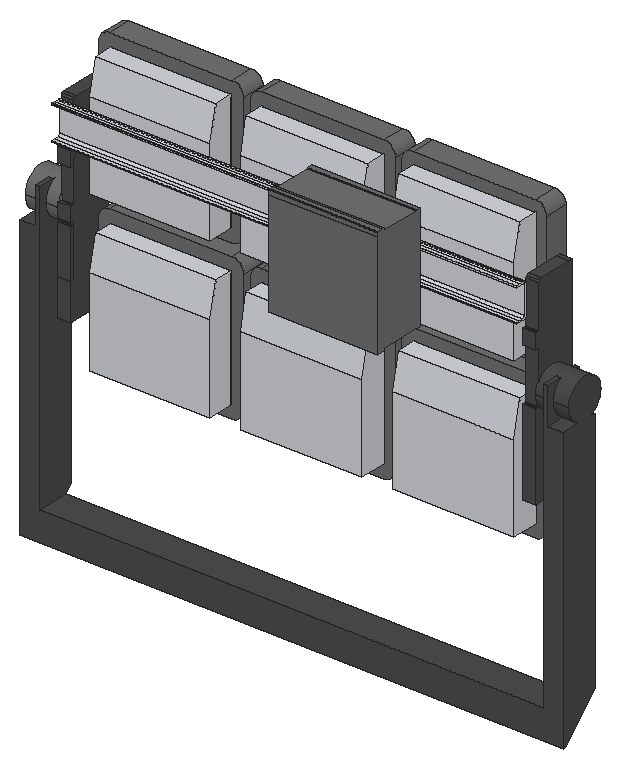
Revit family "Lighting-Floodlights-GEWISS-SMART[PRO]2.0-LED-HIGH-POWER_6MODULE_CLI", category Apparecchi per illuminazione, host Superficie, Revit 2019 (continued)
Definition of nested family "Frontale6 2D"
  Lines and regions (mm)
    detail lines, in view "Livello rif.", not visible
      curve 580: line (304.939, 447.021, 0) -> (304.245, 447.021, 0)
      curve 581: line (304.245, 447.021, 0) -> (304.245, 446.346, 0)
      curve 582: line (304.245, 446.346, 0) -> (303.54, 446.346, 0)
      curve 583: line (303.54, 446.346, 0) -> (301.413, 444.219, 0)
      curve 584: line (301.413, 444.219, 0) -> (301.413, 443.52, 0)
      curve 585: line (301.413, 443.52, 0) -> (300.744, 442.821, 0)
      curve 586: line (300.744, 442.821, 0) -> (300.015, 442.121, 0)
      curve 587: line (300.015, 442.121, 0) -> (300.015, 439.325, 0)
      curve 588: line (300.015, 439.325, 0) -> (299.321, 438.626, 0)
      curve 589: line (299.321, 438.626, 0) -> (299.321, 437.897, 0)
      curve 590: line (299.321, 437.897, 0) -> (299.321, 418.285, 0)
      curve 591: line (499.825, 247.94, 0) -> (499.825, 429.507, 0)
      curve 592: line (728.336, 428.807, 0) -> (728.336, 429.507, 0)
      curve 593: line (728.336, 429.507, 0) -> (547.493, 429.507, 0)
      curve 594: line (547.493, 429.507, 0) -> (547.493, 428.807, 0)
      curve 595: line (547.493, 428.807, 0) -> (547.493, 247.94, 0)
      curve 596: line (547.493, 247.94, 0) -> (728.336, 247.94, 0)
      curve 597: line (728.336, 247.94, 0) -> (547.493, 247.94, 0)
      curve 598: line (547.493, 247.94, 0) -> (547.493, 429.507, 0)
      curve 599: line (528.555, 278.071, 0) -> (528.555, 262.655, 0)
      curve 600: line (528.555, 262.655, 0) -> (528.555, 259.158, 0)
      curve 601: line (528.555, 259.158, 0) -> (528.555, 238.82, 0)
      curve 602: line (528.555, 238.82, 0) -> (528.555, 236.021, 0)
      curve 603: line (528.555, 236.021, 0) -> (529.25, 235.322, 0)
      curve 604: line (529.25, 235.322, 0) -> (529.25, 234.623, 0)
      curve 605: line (529.25, 234.623, 0) -> (529.954, 233.923, 0)
      curve 606: line (529.954, 233.923, 0) -> (529.954, 233.224, 0)
      curve 607: line (529.954, 233.224, 0) -> (530.658, 232.524, 0)
      curve 608: line (530.658, 232.524, 0) -> (531.352, 232.524, 0)
      curve 609: line (531.352, 232.524, 0) -> (531.352, 231.825, 0)
      curve 610: line (531.352, 231.825, 0) -> (532.056, 231.125, 0)
      curve 611: line (532.056, 231.125, 0) -> (532.75, 231.125, 0)
      curve 612: line (532.75, 231.125, 0) -> (533.479, 230.426, 0)
      curve 613: line (533.479, 230.426, 0) -> (534.149, 229.727, 0)
      curve 614: line (534.149, 229.727, 0) -> (535.552, 229.727, 0)
      curve 615: line (535.552, 229.727, 0) -> (536.276, 229, 0)
      curve 616: line (536.276, 229, 0) -> (538.379, 229, 0)
      curve 617: line (538.379, 229, 0) -> (557.985, 229, 0)
      curve 618: line (557.985, 229, 0) -> (561.481, 229, 0)
      curve 619: line (737.455, 229, 0) -> (739.552, 229, 0)
      curve 620: line (739.552, 229, 0) -> (740.251, 229.727, 0)
      curve 621: line (740.251, 229.727, 0) -> (741.65, 229.727, 0)
      curve 622: line (741.65, 229.727, 0) -> (743.048, 231.125, 0)
      curve 623: line (743.048, 231.125, 0) -> (743.777, 231.125, 0)
      curve 624: line (743.777, 231.125, 0) -> (744.451, 231.825, 0)
      curve 625: line (744.451, 231.825, 0) -> (744.451, 232.524, 0)
      curve 626: line (744.451, 232.524, 0) -> (745.175, 232.524, 0)
      curve 627: line (745.175, 232.524, 0) -> (745.874, 233.224, 0)
      curve 628: line (745.874, 233.224, 0) -> (745.874, 233.923, 0)
      curve 629: line (745.874, 233.923, 0) -> (746.574, 234.623, 0)
      curve 630: line (746.574, 234.623, 0) -> (746.574, 235.322, 0)
      curve 631: line (746.574, 235.322, 0) -> (747.273, 236.021, 0)
      curve 632: line (747.273, 236.021, 0) -> (747.273, 259.158, 0)
      curve 633: line (747.273, 299.108, 0) -> (747.273, 317.348, 0)
      curve 634: line (747.273, 317.348, 0) -> (747.273, 338.386, 0)
      curve 635: line (747.273, 320.845, 0) -> (747.972, 320.845, 0)
      curve 636: line (747.273, 440.024, 0) -> (747.273, 441.422, 0)
      curve 637: line (747.273, 441.422, 0) -> (746.574, 442.121, 0)
      curve 638: line (746.574, 442.121, 0) -> (746.574, 442.821, 0)
      curve 639: line (746.574, 442.821, 0) -> (745.874, 443.52, 0)
      curve 640: line (745.874, 443.52, 0) -> (744.451, 444.918, 0)
      curve 641: line (744.451, 444.918, 0) -> (744.451, 445.617, 0)
      curve 642: line (744.451, 445.617, 0) -> (743.777, 446.346, 0)
      curve 643: line (743.777, 446.346, 0) -> (743.048, 446.346, 0)
      curve 644: line (743.048, 446.346, 0) -> (742.379, 447.021, 0)
      curve 645: line (742.379, 447.021, 0) -> (741.65, 447.021, 0)
      curve 646: line (741.65, 447.021, 0) -> (740.95, 447.745, 0)
      curve 647: line (740.95, 447.745, 0) -> (738.878, 447.745, 0)
      curve 648: line (738.878, 447.745, 0) -> (738.159, 448.444, 0)
      curve 649: line (738.159, 448.444, 0) -> (717.838, 448.444, 0)
      curve 650: line (717.838, 448.444, 0) -> (538.379, 448.444, 0)
      curve 651: line (538.379, 448.444, 0) -> (537.674, 448.444, 0)
      curve 652: line (537.674, 448.444, 0) -> (536.98, 447.745, 0)
      curve 653: line (536.98, 447.745, 0) -> (534.848, 447.745, 0)
      curve 654: line (534.848, 447.745, 0) -> (534.149, 447.021, 0)
      curve 655: line (534.149, 447.021, 0) -> (533.479, 447.021, 0)
      curve 656: line (533.479, 447.021, 0) -> (532.75, 446.346, 0)
      curve 657: line (532.75, 446.346, 0) -> (532.056, 446.346, 0)
      curve 658: line (532.056, 446.346, 0) -> (531.352, 445.617, 0)
      curve 659: line (531.352, 445.617, 0) -> (531.352, 444.918, 0)
      curve 660: line (531.352, 444.918, 0) -> (529.954, 443.52, 0)
      curve 661: line (529.954, 443.52, 0) -> (529.954, 442.821, 0)
      curve 662: line (529.954, 442.821, 0) -> (529.25, 442.821, 0)
      curve 663: line (529.25, 442.821, 0) -> (529.25, 442.121, 0)
      curve 664: line (529.25, 442.121, 0) -> (528.555, 441.422, 0)
      curve 665: line (528.555, 441.422, 0) -> (528.555, 437.897, 0)
      curve 666: line (528.555, 437.897, 0) -> (528.555, 418.285, 0)
      curve 667: line (728.336, 247.94, 0) -> (728.336, 429.507, 0)
      curve 668: line (30.134, 51.169, 0) -> (787.572, 51.169, 0)
Definition of nested family "SIMBOLO SMART[PRO]6"
  Reference planes
    plane 1 "Centro (Fronte/Retro)": y = 0
    plane 2: z = 0
    plane 3 "Centro (Sinistra/Destra)": x = 0
  Lines and regions (mm)
    detail lines, in view "Livello rif."
      curve 1: line (43.2, 161.646, 0) -> (0, 183.153, 0)
      curve 2: line (0, 183.153, 0) -> (43.2, 204.919, 0)
      curve 3: line (43.2, 204.919, 0) -> (43.2, 161.646, 0)
      curve 4: line (0, 204.79, 0) -> (0, 161.516, 0)
      curve 5: line (0, 183.153, 0) -> (-25.261, 183.153, 0)
      curve 6: line (43.2, 183.282, 0) -> (61.853, 183.282, 0)
      curve 7: line (214.768, 249.908, 0) -> (214.768, 0, 0)
      curve 8: line (214.768, 0, 0) -> (-175.232, 0, 0)
      curve 9: line (-175.232, 0, 0) -> (-175.232, 249.908, 0)
      curve 10: line (-175.232, 249.908, 0) -> (214.768, 249.908, 0)
      curve 11: line (-31.622, 232.828, 0) -> (67.728, 232.828, 0)
      curve 12: line (67.728, 232.828, 0) -> (67.728, 133.478, 0)
      curve 13: line (67.728, 133.478, 0) -> (-31.622, 133.478, 0)
      curve 14: line (-31.622, 133.478, 0) -> (-31.622, 232.828, 0)
      curve 15: line (-83.37, 161.646, 0) -> (-126.57, 183.153, 0)
      curve 16: line (-126.57, 183.153, 0) -> (-83.37, 204.919, 0)
      curve 17: line (-83.37, 204.919, 0) -> (-83.37, 161.646, 0)
      curve 18: line (-126.57, 204.79, 0) -> (-126.57, 161.516, 0)
      curve 19: line (-126.57, 183.153, 0) -> (-151.83, 183.153, 0)
      curve 20: line (-83.37, 183.282, 0) -> (-64.717, 183.282, 0)
      curve 21: line (-158.191, 232.828, 0) -> (-58.842, 232.828, 0)
      curve 22: line (-58.842, 232.828, 0) -> (-58.842, 133.478, 0)
      curve 23: line (-58.842, 133.478, 0) -> (-158.191, 133.478, 0)
      curve 24: line (-158.191, 133.478, 0) -> (-158.191, 232.828, 0)
      curve 25: line (169.769, 161.646, 0) -> (126.57, 183.153, 0)
      curve 26: line (126.57, 183.153, 0) -> (169.769, 204.919, 0)
      curve 27: line (169.769, 204.919, 0) -> (169.769, 161.646, 0)
      curve 28: line (126.57, 204.79, 0) -> (126.57, 161.516, 0)
      curve 29: line (126.57, 183.153, 0) -> (101.309, 183.153, 0)
      curve 30: line (169.769, 183.282, 0) -> (188.423, 183.282, 0)
      curve 31: line (94.948, 232.828, 0) -> (194.298, 232.828, 0)
      curve 32: line (194.298, 232.828, 0) -> (194.298, 133.478, 0)
      curve 33: line (194.298, 133.478, 0) -> (94.948, 133.478, 0)
      curve 34: line (94.948, 133.478, 0) -> (94.948, 232.828, 0)
      curve 35: line (43.2, 88.246, 0) -> (0, 66.739, 0)
      curve 36: line (0, 66.739, 0) -> (43.2, 44.973, 0)
      curve 37: line (43.2, 44.973, 0) -> (43.2, 88.246, 0)
      curve 38: line (0, 45.102, 0) -> (0, 88.376, 0)
      curve 39: line (0, 66.739, 0) -> (-25.261, 66.739, 0)
      curve 40: line (43.2, 66.61, 0) -> (61.853, 66.61, 0)
      curve 41: line (-31.622, 17.064, 0) -> (67.728, 17.064, 0)
      curve 42: line (67.728, 17.064, 0) -> (67.728, 116.414, 0)
      curve 43: line (67.728, 116.414, 0) -> (-31.622, 116.414, 0)
      curve 44: line (-31.622, 116.414, 0) -> (-31.622, 17.064, 0)
      curve 45: line (-83.37, 88.246, 0) -> (-126.57, 66.739, 0)
      curve 46: line (-126.57, 66.739, 0) -> (-83.37, 44.973, 0)
      curve 47: line (-83.37, 44.973, 0) -> (-83.37, 88.246, 0)
      curve 48: line (-126.57, 45.102, 0) -> (-126.57, 88.376, 0)
      curve 49: line (-126.57, 66.739, 0) -> (-151.83, 66.739, 0)
      curve 50: line (-83.37, 66.61, 0) -> (-64.717, 66.61, 0)
      curve 51: line (-158.191, 17.064, 0) -> (-58.842, 17.064, 0)
      curve 52: line (-58.842, 17.064, 0) -> (-58.842, 116.414, 0)
      curve 53: line (-58.842, 116.414, 0) -> (-158.191, 116.414, 0)
      curve 54: line (-158.191, 116.414, 0) -> (-158.191, 17.064, 0)
      curve 55: line (169.769, 88.246, 0) -> (126.57, 66.739, 0)
      curve 56: line (126.57, 66.739, 0) -> (169.769, 44.973, 0)
      curve 57: line (169.769, 44.973, 0) -> (169.769, 88.246, 0)
      curve 58: line (126.57, 45.102, 0) -> (126.57, 88.376, 0)
      curve 59: line (126.57, 66.739, 0) -> (101.309, 66.739, 0)
      curve 60: line (169.769, 66.61, 0) -> (188.423, 66.61, 0)
      curve 61: line (94.948, 17.064, 0) -> (194.298, 17.064, 0)
      curve 62: line (194.298, 17.064, 0) -> (194.298, 116.414, 0)
      curve 63: line (194.298, 116.414, 0) -> (94.948, 116.414, 0)
      curve 64: line (94.948, 116.414, 0) -> (94.948, 17.064, 0)
    detail lines, in view "Livello rif.", not visible
      curve 65: line (238.431, 186.7, 0) -> (195.232, 208.207, 0)
      curve 66: line (195.232, 208.207, 0) -> (238.431, 229.973, 0)
      curve 67: line (238.431, 229.973, 0) -> (238.431, 186.7, 0)
      curve 68: line (195.232, 229.844, 0) -> (195.232, 186.57, 0)
      curve 69: line (195.232, 208.207, 0) -> (169.971, 208.207, 0)
      curve 70: line (238.431, 208.336, 0) -> (257.084, 208.336, 0)
      curve 71: line (410, 274.962, 0) -> (410, 25.054, 0)
      curve 72: line (410, 25.054, 0) -> (20, 25.054, 0)
      curve 73: line (20, 25.054, 0) -> (20, 274.962, 0)
      curve 74: line (20, 274.962, 0) -> (410, 274.962, 0)
      curve 75: line (163.61, 257.882, 0) -> (262.96, 257.882, 0)
      curve 76: line (262.96, 257.882, 0) -> (262.96, 158.532, 0)
      curve 77: line (262.96, 158.532, 0) -> (163.61, 158.532, 0)
      curve 78: line (163.61, 158.532, 0) -> (163.61, 257.882, 0)
      curve 79: line (111.862, 186.7, 0) -> (68.662, 208.207, 0)
      curve 80: line (68.662, 208.207, 0) -> (111.862, 229.973, 0)
      curve 81: line (111.862, 229.973, 0) -> (111.862, 186.7, 0)
      curve 82: line (68.662, 229.844, 0) -> (68.662, 186.57, 0)
      curve 83: line (68.662, 208.207, 0) -> (43.401, 208.207, 0)
      curve 84: line (111.862, 208.336, 0) -> (130.515, 208.336, 0)
      curve 85: line (37.04, 257.882, 0) -> (136.39, 257.882, 0)
      curve 86: line (136.39, 257.882, 0) -> (136.39, 158.532, 0)
      curve 87: line (136.39, 158.532, 0) -> (37.04, 158.532, 0)
      curve 88: line (37.04, 158.532, 0) -> (37.04, 257.882, 0)
      curve 89: line (365.001, 186.7, 0) -> (321.801, 208.207, 0)
      curve 90: line (321.801, 208.207, 0) -> (365.001, 229.973, 0)
      curve 91: line (365.001, 229.973, 0) -> (365.001, 186.7, 0)
      curve 92: line (321.801, 229.844, 0) -> (321.801, 186.57, 0)
      curve 93: line (321.801, 208.207, 0) -> (296.541, 208.207, 0)
      curve 94: line (365.001, 208.336, 0) -> (383.654, 208.336, 0)
      curve 95: line (290.18, 257.882, 0) -> (389.529, 257.882, 0)
      curve 96: line (389.529, 257.882, 0) -> (389.529, 158.532, 0)
      curve 97: line (389.529, 158.532, 0) -> (290.18, 158.532, 0)
      curve 98: line (290.18, 158.532, 0) -> (290.18, 257.882, 0)
      curve 99: line (238.431, 113.3, 0) -> (195.232, 91.793, 0)
      curve 100: line (195.232, 91.793, 0) -> (238.431, 70.027, 0)
      curve 101: line (238.431, 70.027, 0) -> (238.431, 113.3, 0)
      curve 102: line (195.232, 70.156, 0) -> (195.232, 113.43, 0)
      curve 103: line (195.232, 91.793, 0) -> (169.971, 91.793, 0)
      curve 104: line (238.431, 91.664, 0) -> (257.084, 91.664, 0)
      curve 105: line (163.61, 42.118, 0) -> (262.96, 42.118, 0)
      curve 106: line (262.96, 42.118, 0) -> (262.96, 141.468, 0)
      curve 107: line (262.96, 141.468, 0) -> (163.61, 141.468, 0)
      curve 108: line (163.61, 141.468, 0) -> (163.61, 42.118, 0)
      curve 109: line (111.862, 113.3, 0) -> (68.662, 91.793, 0)
      curve 110: line (68.662, 91.793, 0) -> (111.862, 70.027, 0)
      curve 111: line (111.862, 70.027, 0) -> (111.862, 113.3, 0)
      curve 112: line (68.662, 70.156, 0) -> (68.662, 113.43, 0)
      curve 113: line (68.662, 91.793, 0) -> (43.401, 91.793, 0)
      curve 114: line (111.862, 91.664, 0) -> (130.515, 91.664, 0)
      curve 115: line (37.04, 42.118, 0) -> (136.39, 42.118, 0)
      curve 116: line (136.39, 42.118, 0) -> (136.39, 141.468, 0)
      curve 117: line (136.39, 141.468, 0) -> (37.04, 141.468, 0)
      curve 118: line (37.04, 141.468, 0) -> (37.04, 42.118, 0)
      curve 119: line (365.001, 113.3, 0) -> (321.801, 91.793, 0)
      curve 120: line (321.801, 91.793, 0) -> (365.001, 70.027, 0)
      curve 121: line (365.001, 70.027, 0) -> (365.001, 113.3, 0)
      curve 122: line (321.801, 70.156, 0) -> (321.801, 113.43, 0)
      curve 123: line (321.801, 91.793, 0) -> (296.541, 91.793, 0)
      curve 124: line (365.001, 91.664, 0) -> (383.654, 91.664, 0)
      curve 125: line (290.18, 42.118, 0) -> (389.529, 42.118, 0)
      curve 126: line (389.529, 42.118, 0) -> (389.529, 141.468, 0)
      curve 127: line (389.529, 141.468, 0) -> (290.18, 141.468, 0)
      curve 128: line (290.18, 141.468, 0) -> (290.18, 42.118, 0)
  Dimensions and locks
    aligned and locked: curve 4 to plane 3 "Centro (Sinistra/Destra)"
    aligned and locked: curve 8 to plane 1 "Centro (Fronte/Retro)"
Definition of nested family "Laterale6 2D"
  Reference planes
    plane 1 "Centro (Fronte/Retro)": y = 0
    plane 2: z = 0
    plane 3 "Centro (Sinistra/Destra)": x = 0
  Lines and regions (mm)
    model lines, in view "Livello rif."
      curve 1: line (56.059, 467.879, 0) -> (-0.761, 469.449, 0)
      curve 2: line (-33.478, 448.414, 0) -> (-35.814, 435.185, 0)
      curve 3: line (-35.814, 435.185, 0) -> (-35.814, 243.672, 0)
      curve 4: line (-35.814, 243.672, 0) -> (-33.478, 230.443, 0)
      curve 5: line (-33.478, 230.443, 0) -> (-32.694, 230.443, 0)
      curve 6: line (-32.694, 230.443, 0) -> (-32.694, 229.63, 0)
      curve 7: line (-32.694, 229.63, 0) -> (-25.673, 229.63, 0)
      curve 8: line (-25.673, 229.63, 0) -> (-2.331, 228.873, 0)
      curve 9: line (-32.694, 230.443, 0) -> (-33.478, 230.443, 0)
      curve 10: line (-33.478, 230.443, 0) -> (-32.666, 229.63, 0)
      curve 11: line (-33.478, 447.63, 0) -> (-32.666, 447.63, 0)
      curve 12: line (-33.478, 470.999, 0) -> (-32.666, 470.999, 0)
      curve 13: line (41.256, 558.986, 0) -> (41.256, 557.416, 0)
      curve 14: line (41.256, 599.457, 0) -> (41.279, 601.008, 0)
      curve 15: line (-2.331, 309.054, 0) -> (-17.134, 309.054, 0)
      curve 16: line (-17.134, 309.054, 0) -> (-22.576, 309.054, 0)
      curve 17: line (-22.576, 309.054, 0) -> (-22.576, 379.131, 0)
      curve 18: line (-22.576, 379.131, 0) -> (-22.576, 609.57, 0)
      curve 19: line (-22.576, 609.57, 0) -> (-17.111, 609.57, 0)
      curve 20: line (-17.111, 609.57, 0) -> (36.599, 609.57, 0)
      curve 21: line (36.599, 609.57, 0) -> (39.738, 608.024, 0)
      curve 22: line (39.738, 608.024, 0) -> (41.279, 604.119, 0)
      curve 23: line (41.279, 604.119, 0) -> (41.279, 539.521, 0)
      curve 24: line (41.279, 539.521, 0) -> (42.807, 539.521, 0)
      curve 25: line (42.807, 539.521, 0) -> (42.807, 499.027, 0)
      curve 26: line (42.807, 499.027, 0) -> (42.807, 498.242, 0)
      curve 27: line (-32.694, 449.199, 0) -> (-33.478, 448.414, 0)
      curve 28: line (-33.478, 448.414, 0) -> (-32.694, 448.414, 0)
      curve 29: line (-32.694, 448.414, 0) -> (-32.694, 449.199, 0)
      curve 30: line (-32.694, 449.199, 0) -> (-25.673, 449.199, 0)
      curve 31: line (-25.673, 449.199, 0) -> (-22.576, 449.199, 0)
      curve 32: line (-22.576, 449.199, 0) -> (-22.576, 469.449, 0)
      curve 33: line (-22.576, 469.449, 0) -> (-25.673, 469.449, 0)
      curve 34: line (-25.673, 469.449, 0) -> (-32.666, 469.449, 0)
      curve 35: line (-32.694, 469.449, 0) -> (-32.694, 470.215, 0)
      curve 36: line (-32.694, 470.215, 0) -> (-32.666, 469.449, 0)
      curve 37: line (42.807, 485.013, 0) -> (42.807, 486.555, 0)
      curve 38: line (42.807, 486.555, 0) -> (42.807, 498.242, 0)
      curve 39: line (-0.761, 469.449, 0) -> (-2.331, 459.312, 0)
      curve 40: line (-2.331, 459.312, 0) -> (-2.331, 428.949, 0)
      curve 41: line (-2.331, 428.949, 0) -> (-2.331, 56.034, 0)
      curve 42: line (-2.331, 56.034, 0) -> (3.877, 49.824, 0)
      curve 43: line (3.877, 49.824, 0) -> (5.447, 47.467, 0)
      curve 44: line (5.447, 47.467, 0) -> (49.828, 3.878, 0)
      curve 45: line (49.828, 3.878, 0) -> (51.369, 1.546, 0)
      curve 46: line (51.369, 1.546, 0) -> (53.723, 0, 0)
      curve 47: line (53.723, 0, 0) -> (57.628, 0, 0)
      curve 48: line (57.628, 0, 0) -> (57.628, 414.151, 0)
      curve 49: line (57.628, 414.151, 0) -> (57.628, 459.312, 0)
      curve 50: line (57.628, 459.312, 0) -> (56.059, 467.879, 0)
      curve 51: line (0, 616.591, 0) -> (0, 609.57, 0)
      curve 52: line (0, 609.57, 0) -> (0, 688.994, 0)
      curve 53: line (0, 688.994, 0) -> (-25.673, 688.994, 0)
      curve 54: line (-25.673, 688.994, 0) -> (-32.694, 688.994, 0)
      curve 55: line (-32.694, 688.994, 0) -> (-35.814, 674.981, 0)
      curve 56: line (-35.814, 674.981, 0) -> (-35.814, 483.467, 0)
      curve 57: line (-35.814, 483.467, 0) -> (-33.478, 470.215, 0)
      curve 58: line (-33.478, 470.215, 0) -> (-32.694, 470.215, 0)
      curve 59: line (-32.694, 470.215, 0) -> (-33.478, 470.215, 0)
      curve 60: line (40.495, 608.785, 0) -> (40.495, 606.455, 0)
      curve 61: line (37.355, 632.155, 0) -> (38.925, 622.799, 0)
      curve 62: line (38.925, 622.799, 0) -> (39.738, 618.917, 0)
      curve 63: line (39.738, 618.917, 0) -> (40.495, 610.355, 0)
      curve 64: line (40.495, 610.355, 0) -> (40.495, 608.785, 0)
      curve 65: line (37.093, 631.745, 0) -> (31.932, 662.509, 0)
      curve 66: line (31.932, 662.509, 0) -> (24.155, 688.21, 0)
      curve 67: line (-25.673, 469.449, 0) -> (-24.911, 469.449, 0)
      curve 68: line (21.791, 688.994, 0) -> (24.155, 688.994, 0)
      curve 69: line (24.155, 688.994, 0) -> (24.155, 688.21, 0)
      curve 70: line (24.155, 688.21, 0) -> (24.155, 688.994, 0)
      curve 71: line (24.155, 688.994, 0) -> (23.342, 688.994, 0)
      curve 72: line (23.342, 688.994, 0) -> (21.791, 688.994, 0)
      curve 73: line (21.791, 688.994, 0) -> (0, 688.994, 0)
      curve 74: line (110.572, 409.489, 0) -> (109.759, 407.943, 0)
      curve 75: line (109.759, 407.943, 0) -> (108.217, 407.158, 0)
      curve 76: line (108.217, 407.158, 0) -> (63.836, 406.374, 0)
      curve 77: line (63.836, 406.374, 0) -> (63.836, 407.943, 0)
      curve 78: line (63.836, 407.943, 0) -> (57.628, 407.943, 0)
      curve 79: line (110.572, 271.699, 0) -> (109.759, 273.245, 0)
      curve 80: line (109.759, 273.245, 0) -> (108.217, 273.245, 0)
      curve 81: line (108.217, 273.245, 0) -> (63.836, 274.034, 0)
      curve 82: line (63.836, 274.034, 0) -> (63.836, 272.488, 0)
      curve 83: line (63.836, 272.488, 0) -> (57.628, 272.488, 0)
      curve 84: line (110.572, 277.911, 0) -> (110.572, 270.129, 0)
      curve 85: line (110.572, 270.129, 0) -> (112.898, 270.129, 0)
      curve 86: line (112.898, 270.129, 0) -> (119.891, 270.914, 0)
      curve 87: line (119.891, 270.914, 0) -> (121.47, 270.914, 0)
      curve 88: line (121.47, 270.914, 0) -> (121.47, 277.911, 0)
      curve 89: line (121.47, 277.911, 0) -> (121.47, 409.513, 0)
      curve 90: line (121.47, 409.513, 0) -> (119.891, 410.274, 0)
      curve 91: line (119.891, 410.274, 0) -> (112.898, 410.274, 0)
      curve 92: line (112.898, 410.274, 0) -> (110.572, 410.274, 0)
      curve 93: line (110.572, 410.274, 0) -> (110.572, 403.281, 0)
  Dimensions and locks
    aligned and locked: plane 1 "Centro (Fronte/Retro)" to curve 47
Types (54, lengths in mm): name | Versions | Unified Glare Rating | Technical sheet | Standard Deviation Colour Matching | Optic : | Optic | Modello | Lumen output (lm) | IPEA | IDT | Efficiency (lm/W) | Descrizione | Commenti sul wattaggio | Colour temperature | Color Rendering Index | Carico apparente
  GWP2630AB730 - SMART PRO 3x2M S2 CRI70 3000K | "3000K warm light" | "G*6 - ULOR = 0" | "https://www.gewiss.com/ww/en/search?q=GWP2630AB730" | "SDCM = 5" | "Polished anodised aluminum reflector with 99.99% pure aluminum" | "S2 - Symmetric Medium" | "GWP2630AB730" | "113700" | "ROAD = A // LARGE AREAS = A3 + // CYCLOPEDONALS = A + // GREEN AREAS = A + // HISTORICAL CENTER = A4 + // OTHER = A4 +" | "4561006eedca4ce39beffb5c2337b30c" | "117" | "SMART PRO 3x2M S2 CRI70 3000K" | "770W" | "3000K" | "CRI-70" | 770 VA
  GWP2630AC730 - SMART PRO 3x2M A1 CRI70 3000K | "3000K warm light" | "G*4 - ULOR = 0" | "https://www.gewiss.com/ww/en/search?q=GWP2630AC730" | "SDCM = 5" | "Polished quartz and metallized PC HT reflector" | "A1 - Asymmetrical Wide" | "GWP2630AC730" | "106600" | "ROAD = A // LARGE AREAS = A ++ // CYCLOPEDONALS = A // GREEN AREAS = A // HISTORICAL CENTER = A3 + // OTHER = A3 +" | "d9cf422ad4b74c83962064fd747c6d42" | "110" | "SMART PRO 3x2M A1 CRI70 3000K" | "1020W" | "3000K" | "CRI-70" | 1020 VA
  GWP2630AF730 - SMART PRO 3x2M A2 CRI70 3000K | "3000K warm light" | "G*3 - ULOR = 0" | "https://www.gewiss.com/ww/en/search?q=GWP2630AF730" | "SDCM = 5" | "Polished anodised aluminum reflector with 99.99% pure aluminum" | "A2 - Asymmetrical Medium" | "GWP2630AF730" | "91700" | "ROAD = C // LARGE AREAS = A // CYCLOPEDONALS = B // GREEN AREAS = B // HISTORICAL CENTER = A + // OTHER = A +" | "a954fac29a4b4971a084b55ada26fea6" | "95" | "SMART PRO 3x2M A2 CRI70 3000K" | "770W" | "3000K" | "CRI-70" | 770 VA
  GWP2630AG730 - SMART PRO 3x2M C4 CRI70 3000K | "3000K warm light" | "G*6 - ULOR = 0" | "https://www.gewiss.com/ww/en/search?q=GWP2630AG730" | "SDCM = 5" | "Polished quartz and metallized PC HT reflector" | "C4 - Circular 15°" | "GWP2630AG730" | "114500" | "ROAD = A // LARGE AREAS = A3 + // CYCLOPEDONALS = A + // GREEN AREAS = A + // HISTORICAL CENTER = A4 + // OTHER = A4 +" | "4b24190037b54a70ac3d0c5a2f81c7f8" | "118" | "SMART PRO 3x2M C4 CRI70 3000K" | "1020W" | "3000K" | "CRI-70" | 1020 VA
  GWP2630AH730 - SMART PRO 3x2M C3 CRI70 3000K | "3000K warm light" | "G*6 - ULOR = 0" | "https://www.gewiss.com/ww/en/search?q=GWP2630AH730" | "SDCM = 5" | "Polished quartz and metallized PC HT reflector" | "C3 - Circular 20°" | "GWP2630AH730" | "114500" | "ROAD = A // LARGE AREAS = A3 + // CYCLOPEDONALS = A + // GREEN AREAS = A + // HISTORICAL CENTER = A4 + // OTHER = A4 +" | "4cfce67a9bf34c9ca48a5e714463e9b1" | "118" | "SMART PRO 3x2M C3 CRI70 3000K" | "770W" | "3000K" | "CRI-70" | 770 VA
  GWP2630AL730 - SMART PRO 3x2M C2 CRI70 3000K | "3000K warm light" | "G*6 - ULOR = 0" | "https://www.gewiss.com/ww/en/search?q=GWP2630AL730" | "SDCM = 5" | "Polished quartz and metallized PC HT reflector" | "C2 - Circular 25°" | "GWP2630AL730" | "111900" | "ROAD = A // LARGE AREAS = A ++ // CYCLOPEDONALS = A + // GREEN AREAS = A + // HISTORICAL CENTER = A4 + // OTHER = A4 +" | "ed34cddca4f740febed920f9d4d87842" | "115" | "SMART PRO 3x2M C2 CRI70 3000K" | "1020W" | "3000K" | "CRI-70" | 1020 VA
  GWP2630AM730 - SMART PRO 3x2M C1 CRI70 3000K | "3000K warm light" | "G*6 - ULOR = 0" | "https://www.gewiss.com/ww/en/search?q=GWP2630AM730" | "SDCM = 5" | "Polished quartz and metallized PC HT reflector" | "C1 - Circular 30°" | "GWP2630AM730" | "111900" | "ROAD = A // LARGE AREAS = A ++ // CYCLOPEDONALS = A + // GREEN AREAS = A + // HISTORICAL CENTER = A4 + // OTHER = A4 +" | "fa72cee00b5d4f89bab79ca6b1ab4d90" | "115" | "SMART PRO 3x2M C1 CRI70 3000K" | "770W" | "3000K" | "CRI-70" | 770 VA
  GWP2630AN730 - SMART PRO 3x2M A3 CRI70 3000K | "3000K warm light" | "G*6 - ULOR = 0" | "https://www.gewiss.com/ww/en/search?q=GWP2630AN730" | "SDCM = 5" | "Polished anodised aluminum reflector with 99.99% pure aluminum" | "A3 - Assymetric Narrow" | "GWP2630AN730" | "111400" | "ROAD = A // LARGE AREAS = A ++ // CYCLOPEDONALS = A + // GREEN AREAS = A + // HISTORICAL CENTER = A4 + // OTHER = A4 +" | "bc33aaa8d11241049458e038111e0aa6" | "115" | "SMART PRO 3x2M A3 CRI70 3000K" | "1020W" | "3000K" | "CRI-70" | 1020 VA
  GWP2630AA740 - SMART PRO 3x2M S1 CRI70 4000K | "4000K natural light" | "G*6 - ULOR = 0" | "https://www.gewiss.com/ww/en/search?q=GWP2630AA740" | "SDCM = 5" | "Polished quartz and metallized PC HT reflector" | "S1 - Symmetric Wide" | "GWP2630AA740" | "117600" | "ROAD = A + // LARGE AREAS = A3 + // CYCLOPEDONALS = A ++ // GREEN AREAS = A ++ // HISTORICAL CENTER = A5 + // OTHER = A5 +" | "77c5766f77964b9d8a94593395827103" | "121" | "SMART PRO 3x2M S1 CRI70 4000K" | "770W" | "4000K" | "CRI-70" | 770 VA
  GWP2630AA840 - SMART PRO 3x2M S1 CRI80 4000K | "4000K natural light" | "G*6 - ULOR = 0" | "https://www.gewiss.com/ww/en/search?q=GWP2630AA840" | "SDCM = 3" | "Polished quartz and metallized PC HT reflector" | "S1 - Symmetric Wide" | "GWP2630AA840" | "109800" | "ROAD = A // LARGE AREAS = A ++ // CYCLOPEDONALS = A + // GREEN AREAS = A + // HISTORICAL CENTER = A4 + // OTHER = A4 +" | "c3aad69632374d74808a43fba6c334a9" | "113" | "SMART PRO 3x2M S1 CRI80 4000K" | "1020W" | "4000K" | "CRI-80" | 1020 VA
  GWP2630AA730 - SMART PRO 3x2M S1 CRI70 3000K | "3000K warm light" | "G*6 - ULOR = 0" | "https://www.gewiss.com/ww/en/search?q=GWP2630AA730" | "SDCM = 5" | "Polished quartz and metallized PC HT reflector" | "S1 - Symmetric Wide" | "GWP2630AA730" | "109800" | "ROAD = A // LARGE AREAS = A ++ // CYCLOPEDONALS = A + // GREEN AREAS = A + // HISTORICAL CENTER = A4 + // OTHER = A4 +" | "4e34dff87950464d9f140c8ce52a1415" | "113" | "SMART PRO 3x2M S1 CRI70 3000K" | "1020W" | "3000K" | "CRI-70" | 1020 VA
  GWP2630AH740 - SMART PRO 3x2M C3 CRI70 4000K | "4000K natural light" | "G*6 - ULOR = 0" | "https://www.gewiss.com/ww/en/search?q=GWP2630AH740" | "SDCM = 5" | "Polished quartz and metallized PC HT reflector" | "C3 - Circular 20°" | "GWP2630AH740" | "122700" | "ROAD = A + // LARGE AREAS = A4 + // CYCLOPEDONALS = A ++ // GREEN AREAS = A ++ // HISTORICAL CENTER = A5 + // OTHER = A5 +" | "a99f7d362832468c9697c2b4171c10f1" | "126" | "SMART PRO 3x2M C3 CRI70 4000K" | "770W" | "4000K" | "CRI-70" | 770 VA
  GWP2630AG840 - SMART PRO 3x2M C4 CRI80 4000K | "4000K natural light" | "G*6 - ULOR = 0" | "https://www.gewiss.com/ww/en/search?q=GWP2630AG840" | "SDCM = 3" | "Polished quartz and metallized PC HT reflector" | "C4 - Circular 15°" | "GWP2630AG840" | "114500" | "ROAD = A // LARGE AREAS = A3 + // CYCLOPEDONALS = A + // GREEN AREAS = A + // HISTORICAL CENTER = A4 + // OTHER = A4 +" | "3f2d3c7146fd4f7e88ac85796f8f5998" | "118" | "SMART PRO 3x2M C4 CRI80 4000K" | "1020W" | "4000K" | "CRI-80" | 1020 VA
  GWP2630AG740 - SMART PRO 3x2M C4 CRI70 4000K | "4000K natural light" | "G*6 - ULOR = 0" | "https://www.gewiss.com/ww/en/search?q=GWP2630AG740" | "SDCM = 5" | "Polished quartz and metallized PC HT reflector" | "C4 - Circular 15°" | "GWP2630AG740" | "122700" | "ROAD = A + // LARGE AREAS = A4 + // CYCLOPEDONALS = A ++ // GREEN AREAS = A ++ // HISTORICAL CENTER = A5 + // OTHER = A5 +" | "bb03ad2423b54f51b63ce832b83b693a" | "126" | "SMART PRO 3x2M C4 CRI70 4000K" | "770W" | "4000K" | "CRI-70" | 770 VA
  GWP2630AF840 - SMART PRO 3x2M A2 CRI80 4000K | "4000K natural light" | "G*3 - ULOR = 0" | "https://www.gewiss.com/ww/en/search?q=GWP2630AF840" | "SDCM = 3" | "Polished anodised aluminum reflector with 99.99% pure aluminum" | "A2 - Asymmetrical Medium" | "GWP2630AF840" | "91700" | "ROAD = C // LARGE AREAS = A // CYCLOPEDONALS = B // GREEN AREAS = B // HISTORICAL CENTER = A + // OTHER = A +" | "8fc7e29d0ccd43a78c93e135127fc841" | "95" | "SMART PRO 3x2M A2 CRI80 4000K" | "1020W" | "4000K" | "CRI-80" | 1020 VA
  GWP2630AF740 - SMART PRO 3x2M A2 CRI70 4000K | "4000K natural light" | "G*3 - ULOR = 0" | "https://www.gewiss.com/ww/en/search?q=GWP2630AF740" | "SDCM = 5" | "Polished anodised aluminum reflector with 99.99% pure aluminum" | "A2 - Asymmetrical Medium" | "GWP2630AF740" | "98200" | "ROAD = B // LARGE AREAS = A + // CYCLOPEDONALS = A // GREEN AREAS = A // HISTORICAL CENTER = A ++ // OTHER = A ++" | "1bb4e9835a7541419eb21239c30311d3" | "101" | "SMART PRO 3x2M A2 CRI70 4000K" | "770W" | "4000K" | "CRI-70" | 770 VA
  GWP2630AC840 - SMART PRO 3x2M A1 CRI80 4000K | "4000K natural light" | "G*4 - ULOR = 0" | "https://www.gewiss.com/ww/en/search?q=GWP2630AC840" | "SDCM = 3" | "Polished quartz and metallized PC HT reflector" | "A1 - Asymmetrical Wide" | "GWP2630AC840" | "106600" | "ROAD = A // LARGE AREAS = A ++ // CYCLOPEDONALS = A // GREEN AREAS = A // HISTORICAL CENTER = A3 + // OTHER = A3 +" | "ffc2ef24783e44f2ba0aa3e9e84cd482" | "110" | "SMART PRO 3x2M A1 CRI80 4000K" | "1020W" | "4000K" | "CRI-80" | 1020 VA
  GWP2630AC740 - SMART PRO 3x2M A1 CRI70 4000K | "4000K natural light" | "G*4 - ULOR = 0" | "https://www.gewiss.com/ww/en/search?q=GWP2630AC740" | "SDCM = 5" | "Polished quartz and metallized PC HT reflector" | "A1 - Asymmetrical Wide" | "GWP2630AC740" | "114200" | "ROAD = A // LARGE AREAS = A3 + // CYCLOPEDONALS = A + // GREEN AREAS = A + // HISTORICAL CENTER = A4 + // OTHER = A4 +" | "4f44acf29ea5436aaf5271ea21a87952" | "118" | "SMART PRO 3x2M A1 CRI70 4000K" | "770W" | "4000K" | "CRI-70" | 770 VA
  GWP2630AB840 - SMART PRO 3x2M S2 CRI80 4000K | "4000K natural light" | "G*6 - ULOR = 0" | "https://www.gewiss.com/ww/en/search?q=GWP2630AB840" | "SDCM = 3" | "Polished anodised aluminum reflector with 99.99% pure aluminum" | "S2 - Symmetric Medium" | "GWP2630AB840" | "113700" | "ROAD = A // LARGE AREAS = A3 + // CYCLOPEDONALS = A + // GREEN AREAS = A + // HISTORICAL CENTER = A4 + // OTHER = A4 +" | "3e2abd4527e840e884037096ac6bc8ed" | "117" | "SMART PRO 3x2M S2 CRI80 4000K" | "1020W" | "4000K" | "CRI-80" | 1020 VA
  GWP2630AB740 - SMART PRO 3x2M S2 CRI70 4000K | "4000K natural light" | "G*6 - ULOR = 0" | "https://www.gewiss.com/ww/en/search?q=GWP2630AB740" | "SDCM = 5" | "Polished anodised aluminum reflector with 99.99% pure aluminum" | "S2 - Symmetric Medium" | "GWP2630AB740" | "121800" | "ROAD = A + // LARGE AREAS = A4 + // CYCLOPEDONALS = A ++ // GREEN AREAS = A ++ // HISTORICAL CENTER = A5 + // OTHER = A5 +" | "d7df3e8f6ccf4471836e2c6068e50236" | "126" | "SMART PRO 3x2M S2 CRI70 4000K" | "770W" | "4000K" | "CRI-70" | 770 VA
  GWP2630AH840 - SMART PRO 3x2M C3 CRI80 4000K | "4000K natural light" | "G*6 - ULOR = 0" | "https://www.gewiss.com/ww/en/search?q=GWP2630AH840" | "SDCM = 3" | "Polished quartz and metallized PC HT reflector" | "C3 - Circular 20°" | "GWP2630AH840" | "114500" | "ROAD = A // LARGE AREAS = A3 + // CYCLOPEDONALS = A + // GREEN AREAS = A + // HISTORICAL CENTER = A4 + // OTHER = A4 +" | "182a8e16bd85494687ecb5a6755b548c" | "118" | "SMART PRO 3x2M C3 CRI80 4000K" | "770W" | "4000K" | "CRI-80" | 770 VA
  GWP2630AL740 - SMART PRO 3x2M C2 CRI70 4000K | "4000K natural light" | "G*6 - ULOR = 0" | "https://www.gewiss.com/ww/en/search?q=GWP2630AL740" | "SDCM = 5" | "Polished quartz and metallized PC HT reflector" | "C2 - Circular 25°" | "GWP2630AL740" | "119900" | "ROAD = A + // LARGE AREAS = A3 + // CYCLOPEDONALS = A ++ // GREEN AREAS = A ++ // HISTORICAL CENTER = A5 + // OTHER = A5 +" | "c63efc945f944ff0839b4407059f0a54" | "124" | "SMART PRO 3x2M C2 CRI70 4000K" | "770W" | "4000K" | "CRI-70" | 770 VA
  GWP2630AL840 - SMART PRO 3x2M C2 CRI80 4000K | "4000K natural light" | "G*6 - ULOR = 0" | "https://www.gewiss.com/ww/en/search?q=GWP2630AL840" | "SDCM = 3" | "Polished quartz and metallized PC HT reflector" | "C2 - Circular 25°" | "GWP2630AL840" | "111900" | "ROAD = A // LARGE AREAS = A ++ // CYCLOPEDONALS = A + // GREEN AREAS = A + // HISTORICAL CENTER = A4 + // OTHER = A4 +" | "ec5805f4738d4741a8de67c84d3d6021" | "115" | "SMART PRO 3x2M C2 CRI80 4000K" | "770W" | "4000K" | "CRI-80" | 770 VA
  GWP2630AM740 - SMART PRO 3x2M C1 CRI70 4000K | "4000K natural light" | "G*6 - ULOR = 0" | "https://www.gewiss.com/ww/en/search?q=GWP2630AM740" | "SDCM = 5" | "Polished quartz and metallized PC HT reflector" | "C1 - Circular 30°" | "GWP2630AM740" | "119900" | "ROAD = A + // LARGE AREAS = A3 + // CYCLOPEDONALS = A ++ // GREEN AREAS = A ++ // HISTORICAL CENTER = A5 + // OTHER = A5 +" | "d708135321ef4e1192d76413b748190c" | "124" | "SMART PRO 3x2M C1 CRI70 4000K" | "770W" | "4000K" | "CRI-70" | 770 VA
  GWP2630AM840 - SMART PRO 3x2M C1 CRI80 4000K | "4000K natural light" | "G*6 - ULOR = 0" | "https://www.gewiss.com/ww/en/search?q=GWP2630AM840" | "SDCM = 3" | "Polished quartz and metallized PC HT reflector" | "C1 - Circular 30°" | "GWP2630AM840" | "111900" | "ROAD = A // LARGE AREAS = A ++ // CYCLOPEDONALS = A + // GREEN AREAS = A + // HISTORICAL CENTER = A4 + // OTHER = A4 +" | "dac4ac6009c94c4bb0d0bbfb30554510" | "115" | "SMART PRO 3x2M C1 CRI80 4000K" | "770W" | "4000K" | "CRI-80" | 770 VA
  GWP2630AN740 - SMART PRO 3x2M A3 CRI70 4000K | "4000K natural light" | "G*6 - ULOR = 0" | "https://www.gewiss.com/ww/en/search?q=GWP2630AN740" | "SDCM = 5" | "Polished anodised aluminum reflector with 99.99% pure aluminum" | "A3 - Assymetric Narrow" | "GWP2630AN740" | "119400" | "ROAD = A + // LARGE AREAS = A3 + // CYCLOPEDONALS = A ++ // GREEN AREAS = A ++ // HISTORICAL CENTER = A5 + // OTHER = A5 +" | "44937227a7944583914d19d904edde26" | "123" | "SMART PRO 3x2M A3 CRI70 4000K" | "770W" | "4000K" | "CRI-70" | 770 VA
  GWP2630AA757 - SMART PRO 3x2M S1 CRI70 5700K | "5700K cold light" | "G*6 - ULOR = 0" | "https://www.gewiss.com/ww/en/search?q=GWP2630AA757" | "SDCM = 5" | "Polished quartz and metallized PC HT reflector" | "S1 - Symmetric Wide" | "GWP2630AA757" | "117600" | "ROAD = A + // LARGE AREAS = A3 + // CYCLOPEDONALS = A ++ // GREEN AREAS = A ++ // HISTORICAL CENTER = A5 + // OTHER = A5 +" | "acfb93b84c164e7fae142ceb03933029" | "121" | "SMART PRO 3x2M S1 CRI70 5700K" | "1020W" | "5700K" | "CRI-70" | 1020 VA
  GWP2630AA857 - SMART PRO 3x2M S1 CRI80 5700K | "5700K cold light" | "G*6 - ULOR = 0" | "https://www.gewiss.com/ww/en/search?q=GWP2630AA857" | "SDCM = 3" | "Polished quartz and metallized PC HT reflector" | "S1 - Symmetric Wide" | "GWP2630AA857" | "109800" | "ROAD = A // LARGE AREAS = A ++ // CYCLOPEDONALS = A + // GREEN AREAS = A + // HISTORICAL CENTER = A4 + // OTHER = A4 +" | "c339751a474e431fbff09e88983bbfdf" | "113" | "SMART PRO 3x2M S1 CRI80 5700K" | "1020W" | "5700K" | "CRI-80" | 1020 VA
  GWP2630AA957 - SMART PRO 3x2M S1 CRI90 5700K | "5700K cold light" | "G*6 - ULOR = 0" | "https://www.gewiss.com/ww/en/search?q=GWP2630AA957" | "SDCM = 3" | "Polished quartz and metallized PC HT reflector" | "S1 - Symmetric Wide" | "GWP2630AA957" | "94100" | "ROAD = C // LARGE AREAS = A // CYCLOPEDONALS = B // GREEN AREAS = B // HISTORICAL CENTER = A + // OTHER = A +" | "e50b481ef97545bd9afb85466f2fc294" | "97" | "SMART PRO 3x2M S1 CRI90 5700K" | "1020W" | "5700K" | "CRI-90 TLCI-80" | 1020 VA
  GWP2630AB757 - SMART PRO 3x2M S2 CRI70 5700K | "5700K cold light" | "G*6 - ULOR = 0" | "https://www.gewiss.com/ww/en/search?q=GWP2630AB757" | "SDCM = 5" | "Polished anodised aluminum reflector with 99.99% pure aluminum" | "S2 - Symmetric Medium" | "GWP2630AB757" | "121800" | "ROAD = A + // LARGE AREAS = A4 + // CYCLOPEDONALS = A ++ // GREEN AREAS = A ++ // HISTORICAL CENTER = A5 + // OTHER = A5 +" | "cd76898937bd4468896dccbf5e5d1660" | "126" | "SMART PRO 3x2M S2 CRI70 5700K" | "1020W" | "5700K" | "CRI-70" | 1020 VA
  GWP2630AB857 - SMART PRO 3x2M S2 CRI80 5700K | "5700K cold light" | "G*6 - ULOR = 0" | "https://www.gewiss.com/ww/en/search?q=GWP2630AB857" | "SDCM = 3" | "Polished anodised aluminum reflector with 99.99% pure aluminum" | "S2 - Symmetric Medium" | "GWP2630AB857" | "113700" | "ROAD = A // LARGE AREAS = A3 + // CYCLOPEDONALS = A + // GREEN AREAS = A + // HISTORICAL CENTER = A4 + // OTHER = A4 +" | "f4f97d7da7254bfd83acfc3effeb81ce" | "117" | "SMART PRO 3x2M S2 CRI80 5700K" | "1020W" | "5700K" | "CRI-80" | 1020 VA
  GWP2630AB957 - SMART PRO 3x2M S2 CRI90 5700K | "5700K cold light" | "G*6 - ULOR = 0" | "https://www.gewiss.com/ww/en/search?q=GWP2630AB957" | "SDCM = 3" | "Polished anodised aluminum reflector with 99.99% pure aluminum" | "S2 - Symmetric Medium" | "GWP2630AB957" | "97400" | "ROAD = B // LARGE AREAS = A + // CYCLOPEDONALS = B // GREEN AREAS = B // HISTORICAL CENTER = A ++ // OTHER = A ++" | "a8ddf8acd4ed45a7a5e5b5a9f457276d" | "100" | "SMART PRO 3x2M S2 CRI90 5700K" | "1020W" | "5700K" | "CRI-90 TLCI-80" | 1020 VA
  GWP2630AC757 - SMART PRO 3x2M A1 CRI70 5700K | "5700K cold light" | "G*4 - ULOR = 0" | "https://www.gewiss.com/ww/en/search?q=GWP2630AC757" | "SDCM = 5" | "Polished quartz and metallized PC HT reflector" | "A1 - Asymmetrical Wide" | "GWP2630AC757" | "114200" | "ROAD = A // LARGE AREAS = A3 + // CYCLOPEDONALS = A + // GREEN AREAS = A + // HISTORICAL CENTER = A4 + // OTHER = A4 +" | "098f9af1bdc847abb4e165e19587d04a" | "118" | "SMART PRO 3x2M A1 CRI70 5700K" | "1020W" | "5700K" | "CRI-70" | 1020 VA
  GWP2630AC857 - SMART PRO 3x2M A1 CRI80 5700K | "5700K cold light" | "G*4 - ULOR = 0" | "https://www.gewiss.com/ww/en/search?q=GWP2630AC857" | "SDCM = 3" | "Polished quartz and metallized PC HT reflector" | "A1 - Asymmetrical Wide" | "GWP2630AC857" | "106600" | "ROAD = A // LARGE AREAS = A ++ // CYCLOPEDONALS = A // GREEN AREAS = A // HISTORICAL CENTER = A3 + // OTHER = A3 +" | "a54306767b1c43efa0241b86b581fb7f" | "110" | "SMART PRO 3x2M A1 CRI80 5700K" | "1020W" | "5700K" | "CRI-80" | 1020 VA
  GWP2630AC957 - SMART PRO 3x2M A1 CRI90 5700K | "5700K cold light" | "G*4 - ULOR = 0" | "https://www.gewiss.com/ww/en/search?q=GWP2630AC957" | "SDCM = 3" | "Polished quartz and metallized PC HT reflector" | "A1 - Asymmetrical Wide" | "GWP2630AC957" | "91400" | "ROAD = C // LARGE AREAS = A // CYCLOPEDONALS = B // GREEN AREAS = B // HISTORICAL CENTER = A + // OTHER = A +" | "805c3682d88047ebb071a2e4ddcf83a4" | "94" | "SMART PRO 3x2M A1 CRI90 5700K" | "1020W" | "5700K" | "CRI-90 TLCI-80" | 1020 VA
  GWP2630AF757 - SMART PRO 3x2M A2 CRI70 5700K | "5700K cold light" | "G*3 - ULOR = 0" | "https://www.gewiss.com/ww/en/search?q=GWP2630AF757" | "SDCM = 5" | "Polished anodised aluminum reflector with 99.99% pure aluminum" | "A2 - Asymmetrical Medium" | "GWP2630AF757" | "98200" | "ROAD = B // LARGE AREAS = A + // CYCLOPEDONALS = A // GREEN AREAS = A // HISTORICAL CENTER = A ++ // OTHER = A ++" | "65092b93a9da4640ad2390cbd8c1d4f8" | "101" | "SMART PRO 3x2M A2 CRI70 5700K" | "1020W" | "5700K" | "CRI-70" | 1020 VA
  GWP2630AF857 - SMART PRO 3x2M A2 CRI80 5700K | "5700K cold light" | "G*3 - ULOR = 0" | "https://www.gewiss.com/ww/en/search?q=GWP2630AF857" | "SDCM = 3" | "Polished anodised aluminum reflector with 99.99% pure aluminum" | "A2 - Asymmetrical Medium" | "GWP2630AF857" | "91700" | "ROAD = C // LARGE AREAS = A // CYCLOPEDONALS = B // GREEN AREAS = B // HISTORICAL CENTER = A + // OTHER = A +" | "cbd18d1b7a2a418896be9977111a61c5" | "95" | "SMART PRO 3x2M A2 CRI80 5700K" | "1020W" | "5700K" | "CRI-80" | 1020 VA
  GWP2630AF957 - SMART PRO 3x2M A2 CRI90 5700K | "5700K cold light" | "G*3 - ULOR = 0" | "https://www.gewiss.com/ww/en/search?q=GWP2630AF957" | "SDCM = 3" | "Polished anodised aluminum reflector with 99.99% pure aluminum" | "A2 - Asymmetrical Medium" | "GWP2630AF957" | "78600" | "ROAD = D // LARGE AREAS = C // CYCLOPEDONALS = C // GREEN AREAS = C // HISTORICAL CENTER = B // OTHER = B" | "233c1ba4617a4f5a9b65dfa2440a8cd9" | "81" | "SMART PRO 3x2M A2 CRI90 5700K" | "1020W" | "5700K" | "CRI-90 TLCI-80" | 1020 VA
  GWP2630AG757 - SMART PRO 3x2M C4 CRI70 5700K | "5700K cold light" | "G*6 - ULOR = 0" | "https://www.gewiss.com/ww/en/search?q=GWP2630AG757" | "SDCM = 5" | "Polished quartz and metallized PC HT reflector" | "C4 - Circular 15°" | "GWP2630AG757" | "122700" | "ROAD = A + // LARGE AREAS = A4 + // CYCLOPEDONALS = A ++ // GREEN AREAS = A ++ // HISTORICAL CENTER = A5 + // OTHER = A5 +" | "9199ee25ddf74f1f8533bb3565e27e71" | "126" | "SMART PRO 3x2M C4 CRI70 5700K" | "1020W" | "5700K" | "CRI-70" | 1020 VA
  GWP2630AG857 - SMART PRO 3x2M C4 CRI80 5700K | "5700K cold light" | "G*6 - ULOR = 0" | "https://www.gewiss.com/ww/en/search?q=GWP2630AG857" | "SDCM = 3" | "Polished quartz and metallized PC HT reflector" | "C4 - Circular 15°" | "GWP2630AG857" | "114500" | "ROAD = A // LARGE AREAS = A3 + // CYCLOPEDONALS = A + // GREEN AREAS = A + // HISTORICAL CENTER = A4 + // OTHER = A4 +" | "37e35772b55f420ea57047f8a9ac2499" | "118" | "SMART PRO 3x2M C4 CRI80 5700K" | "1020W" | "5700K" | "CRI-80" | 1020 VA
  GWP2630AG957 - SMART PRO 3x2M C4 CRI90 5700K | "5700K cold light" | "G*6 - ULOR = 0" | "https://www.gewiss.com/ww/en/search?q=GWP2630AG957" | "SDCM = 3" | "Polished quartz and metallized PC HT reflector" | "C4 - Circular 15°" | "GWP2630AG957" | "98200" | "ROAD = B // LARGE AREAS = A + // CYCLOPEDONALS = A // GREEN AREAS = A // HISTORICAL CENTER = A ++ // OTHER = A ++" | "f2e8ebe02e6345d1b5b549d4fb931e31" | "101" | "SMART PRO 3x2M C4 CRI90 5700K" | "1020W" | "5700K" | "CRI-90 TLCI-80" | 1020 VA
  GWP2630AH757 - SMART PRO 3x2M C3 CRI70 5700K | "5700K cold light" | "G*6 - ULOR = 0" | "https://www.gewiss.com/ww/en/search?q=GWP2630AH757" | "SDCM = 5" | "Polished quartz and metallized PC HT reflector" | "C3 - Circular 20°" | "GWP2630AH757" | "122700" | "ROAD = A + // LARGE AREAS = A4 + // CYCLOPEDONALS = A ++ // GREEN AREAS = A ++ // HISTORICAL CENTER = A5 + // OTHER = A5 +" | "95c7e772c8574332854a673e3cf36675" | "126" | "SMART PRO 3x2M C3 CRI70 5700K" | "1020W" | "5700K" | "CRI-70" | 1020 VA
  GWP2630AH857 - SMART PRO 3x2M C3 CRI80 5700K | "5700K cold light" | "G*6 - ULOR = 0" | "https://www.gewiss.com/ww/en/search?q=GWP2630AH857" | "SDCM = 3" | "Polished quartz and metallized PC HT reflector" | "C3 - Circular 20°" | "GWP2630AH857" | "114500" | "ROAD = A // LARGE AREAS = A3 + // CYCLOPEDONALS = A + // GREEN AREAS = A + // HISTORICAL CENTER = A4 + // OTHER = A4 +" | "7bf470b8e0da489d9d2cd7aaac42300b" | "118" | "SMART PRO 3x2M C3 CRI80 5700K" | "1020W" | "5700K" | "CRI-80" | 1020 VA
  GWP2630AH957 - SMART PRO 3x2M C3 CRI90 5700K | "5700K cold light" | "G*6 - ULOR = 0" | "https://www.gewiss.com/ww/en/search?q=GWP2630AH957" | "SDCM = 3" | "Polished quartz and metallized PC HT reflector" | "C3 - Circular 20°" | "GWP2630AH957" | "98200" | "ROAD = B // LARGE AREAS = A + // CYCLOPEDONALS = A // GREEN AREAS = A // HISTORICAL CENTER = A ++ // OTHER = A ++" | "18fce45d69d14561881dfcff4c93714c" | "101" | "SMART PRO 3x2M C3 CRI90 5700K" | "1020W" | "5700K" | "CRI-90 TLCI-80" | 1020 VA
  GWP2630AL757 - SMART PRO 3x2M C2 CRI70 5700K | "5700K cold light" | "G*6 - ULOR = 0" | "https://www.gewiss.com/ww/en/search?q=GWP2630AL757" | "SDCM = 5" | "Polished quartz and metallized PC HT reflector" | "C2 - Circular 25°" | "GWP2630AL757" | "119900" | "ROAD = A + // LARGE AREAS = A3 + // CYCLOPEDONALS = A ++ // GREEN AREAS = A ++ // HISTORICAL CENTER = A5 + // OTHER = A5 +" | "b5a9750145b842ac9d6b5e00ebf08cc2" | "124" | "SMART PRO 3x2M C2 CRI70 5700K" | "1020W" | "5700K" | "CRI-70" | 1020 VA
  GWP2630AL857 - SMART PRO 3x2M C2 CRI80 5700K | "5700K cold light" | "G*6 - ULOR = 0" | "https://www.gewiss.com/ww/en/search?q=GWP2630AL857" | "SDCM = 3" | "Polished quartz and metallized PC HT reflector" | "C2 - Circular 25°" | "GWP2630AL857" | "111900" | "ROAD = A // LARGE AREAS = A ++ // CYCLOPEDONALS = A + // GREEN AREAS = A + // HISTORICAL CENTER = A4 + // OTHER = A4 +" | "ce63288abc8849d39098f6477c80c642" | "115" | "SMART PRO 3x2M C2 CRI80 5700K" | "1020W" | "5700K" | "CRI-80" | 1020 VA
  GWP2630AL957 - SMART PRO 3x2M C2 CRI90 5700K | "5700K cold light" | "G*6 - ULOR = 0" | "https://www.gewiss.com/ww/en/search?q=GWP2630AL957" | "SDCM = 3" | "Polished quartz and metallized PC HT reflector" | "C2 - Circular 25°" | "GWP2630AL957" | "95900" | "ROAD = C // LARGE AREAS = A // CICLOPEDONALI = B // GREEN AREAS = B // HISTORICAL CENTER = A ++ // OTHER = A ++" | "9fb704fb0641447c80ebb6f800b51a81" | "99" | "SMART PRO 3x2M C2 CRI90 5700K" | "1020W" | "5700K" | "CRI-90 TLCI-80" | 1020 VA
  GWP2630AM757 - SMART PRO 3x2M C1 CRI70 5700K | "5700K cold light" | "G*6 - ULOR = 0" | "https://www.gewiss.com/ww/en/search?q=GWP2630AM757" | "SDCM = 5" | "Polished quartz and metallized PC HT reflector" | "C1 - Circular 30°" | "GWP2630AM757" | "119900" | "ROAD = A + // LARGE AREAS = A3 + // CYCLOPEDONALS = A ++ // GREEN AREAS = A ++ // HISTORICAL CENTER = A5 + // OTHER = A5 +" | "4243b0c7c9444d7ca3622ae8697371af" | "124" | "SMART PRO 3x2M C1 CRI70 5700K" | "1020W" | "5700K" | "CRI-70" | 1020 VA
  GWP2630AM857 - SMART PRO 3x2M C1 CRI80 5700K | "5700K cold light" | "G*6 - ULOR = 0" | "https://www.gewiss.com/ww/en/search?q=GWP2630AM857" | "SDCM = 3" | "Polished quartz and metallized PC HT reflector" | "C1 - Circular 30°" | "GWP2630AM857" | "111900" | "ROAD = A // LARGE AREAS = A ++ // CYCLOPEDONALS = A + // GREEN AREAS = A + // HISTORICAL CENTER = A4 + // OTHER = A4 +" | "c9a85f4031be473b94eeb0e1d65831f8" | "115" | "SMART PRO 3x2M C1 CRI80 5700K" | "1020W" | "5700K" | "CRI-80" | 1020 VA
  GWP2630AM957 - SMART PRO 3x2M C1 CRI90 5700K | "5700K cold light" | "G*6 - ULOR = 0" | "https://www.gewiss.com/ww/en/search?q=GWP2630AM957" | "SDCM = 3" | "Polished quartz and metallized PC HT reflector" | "C1 - Circular 30°" | "GWP2630AM957" | "95900" | "ROAD = C // LARGE AREAS = A // CICLOPEDONALI = B // GREEN AREAS = B // HISTORICAL CENTER = A ++ // OTHER = A ++" | "f4a471d6fcb641a6aab6e0f9d6aeaf75" | "99" | "SMART PRO 3x2M C1 CRI90 5700K" | "1020W" | "5700K" | "CRI-90 TLCI-80" | 1020 VA
  GWP2630AN757 - SMART PRO 3x2M A3 CRI70 5700K | "5700K cold light" | "G*6 - ULOR = 0" | "https://www.gewiss.com/ww/en/search?q=GWP2630AN757" | "SDCM = 5" | "Polished anodised aluminum reflector with 99.99% pure aluminum" | "A3 - Assymetric Narrow" | "GWP2630AN757" | "119400" | "ROAD = A + // LARGE AREAS = A3 + // CYCLOPEDONALS = A ++ // GREEN AREAS = A ++ // HISTORICAL CENTER = A5 + // OTHER = A5 +" | "e9cfedce596c46069b7675299957467d" | "123" | "SMART PRO 3x2M A3 CRI70 5700K" | "1020W" | "5700K" | "CRI-70" | 1020 VA
  GWP2630AN840 - SMART PRO 3x2M A3 CRI80 4000K | "4000K natural light" | "G*6 - ULOR = 0" | "https://www.gewiss.com/ww/en/search?q=GWP2630AN840" | "SDCM = 3" | "Polished anodised aluminum reflector with 99.99% pure aluminum" | "A3 - Assymetric Narrow" | "GWP2630AN840" | "111400" | "ROAD = A // LARGE AREAS = A ++ // CYCLOPEDONALS = A + // GREEN AREAS = A + // HISTORICAL CENTER = A4 + // OTHER = A4 +" | "13f4cff933e349d99283e6f4e8192212" | "115" | "SMART PRO 3x2M A3 CRI80 4000K" | "1020W" | "4000K" | "CRI-80" | 1020 VA
  GWP2630AN857 - SMART PRO 3x2M A3 CRI80 5700K | "5700K cold light" | "G*6 - ULOR = 0" | "https://www.gewiss.com/ww/en/search?q=GWP2630AN857" | "SDCM = 3" | "Polished anodised aluminum reflector with 99.99% pure aluminum" | "A3 - Assymetric Narrow" | "GWP2630AN857" | "111400" | "ROAD = A // LARGE AREAS = A ++ // CYCLOPEDONALS = A + // GREEN AREAS = A + // HISTORICAL CENTER = A4 + // OTHER = A4 +" | "d52e42e6aaba4fc2bfca3ea56c12e5c9" | "115" | "SMART PRO 3x2M A3 CRI80 5700K" | "1020W" | "5700K" | "CRI-80" | 1020 VA
  GWP2630AN957 - SMART PRO 3x2M A3 CRI90 5700K | "5700K cold light" | "G*6 - ULOR = 0" | "https://www.gewiss.com/ww/en/search?q=GWP2630AN957" | "SDCM = 3" | "Polished anodised aluminum reflector with 99.99% pure aluminum" | "A3 - Assymetric Narrow" | "GWP2630AN957" | "95500" | "ROAD = C // LARGE AREAS = A // CICLOPEDONALI = B // GREEN AREAS = B // HISTORICAL CENTER = A ++ // OTHER = A ++" | "5694ef43a41d4293b3b9519a64b0ddb9" | "98" | "SMART PRO 3x2M A3 CRI90 5700K" | "1020W" | "5700K" | "CRI-90 TLCI-80" | 1020 VA
